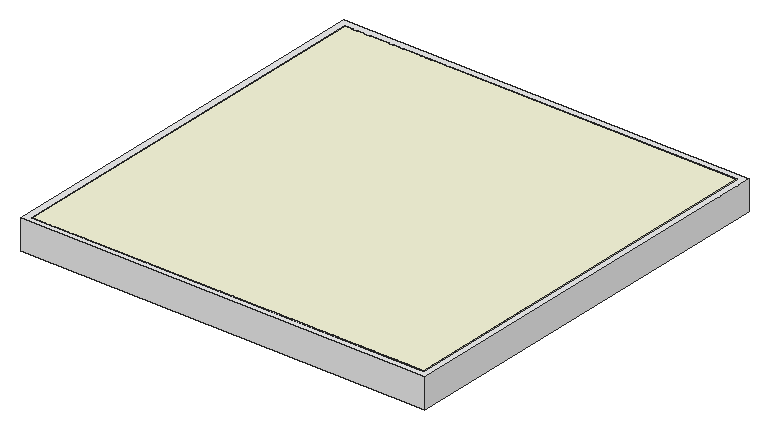
Revit family "Alcon-14001-S-Revit-Family", category Lighting Fixtures, host Face, Revit 2021
Family settings
  Host = Face
  Round Connector Dimension = Use Diameter
  Part Type = Normal
  Cut with Voids When Loaded = Yes
  Light Source = Yes
  Shared = No
  Room Calculation Point = No
Parameters (values of type "2'x2'")
  Width = 2' - 0"
  Wattage = 9.2903 W
  built-in parameter 1150110 = 1 (stored number, unit not read)
  URL = "https://www.alconlighting.com/"
  built-in parameter 1114217 = 1 (stored number, unit not read)
  built-in parameter 1150109 = 1 (stored number, unit not read)
  built-in parameter 1150134 = 3
  built-in parameter 1150113 = 1 (stored number, unit not read)
  Product identity = "Alcon lighting 14001-S"
  Manufacturer = "Alcon Light"
  built-in parameter 1150105 = 439.27 (stored number, unit not read)
  Lumens = 1380 lm
  built-in parameter 1150115 = 1 (stored number, unit not read)
  Link To Product Page = "https://www.alconlighting.com/14001-s.html"
  Light Source Symbol Size = 2' - 0"
  built-in parameter 1150137 = (empty or 0)
  built-in parameter 1150139 = (empty or 0)
  Lens = Lens
  Length = 2' - 0"
  built-in parameter 1150112 = 1 (stored number, unit not read)
  built-in parameter 1150114 = 1 (stored number, unit not read)
  built-in parameter 1150132 = (empty or 0)
  built-in parameter 1150102 = (empty or 0)
  built-in parameter 1150107 = 3200 (stored number, unit not read)
  built-in parameter 1150138 = (empty or 0)
  built-in parameter 1150106 = 4.3927 (stored number, unit not read)
  Housing = Housing
  Emit from Rectangle Width = 2' - 0"
  Emit from Rectangle Length = 2' - 0"
  Emit Shape Visible in Rendering = no
  built-in parameter 1150104 = 13.8 (stored number, unit not read)
  Dimming Lamp Color Temperature Shift = <None>
  Default Elevation = 4' - 0"
  Color Filter = 16777215
  built-in parameter 1114218 = 1 (stored number, unit not read)
  built-in parameter 1150133 = 10 (stored number, unit not read)
Types (4): name | Width | Length | Emit from Rectangle Width | Emit from Rectangle Length
  (no name) | 2' - 0" | 2' - 0" | 2' - 0" | 2' - 0"
  2'x2' | 2' - 0" | 2' - 0" | 2' - 0" | 2' - 0"
  2'x4' | 2' - 0" | 4' - 0" | 4' - 0" | 2' - 0"
  1'x4' | 1' - 0" | 4' - 0" | 4' - 0" | 1' - 0"
Reference planes (in)
  plane 1 "Center (Front/Back)": y = 0
  plane 2: z = 0
  plane 3 "Center (Left/Right)": x = 0
  plane 4: x = -12
  plane 5: x = 12
  plane 6: y = 12
  plane 7: y = -12
Forms (in)
  Sweep 1, solid, material "Housing" <- "Housing"
    path origin (0, 0, 0) x (1, 0, 0) y (0, 1, 0)
      loop
        line (-12, -12) -> (12, -12) -> (12, 12) -> (-12, 12) -> (-12, -12)
    profile origin (0, -12, 0) x (0, 1, 0) y (0, 0, 1)
      loop
        line (0, 0) -> (0.375, 0) -> (0.375, 1.75) -> (0, 1.75) -> (0, 0)
  Extrusion 2, solid, material "Lens" <- "Lens"
    sketch origin (0, 0, 0) x (1, 0, 0) y (0, 1, 0)
      loop
        line (-11.625, 11.625) -> (-11.625, -11.625) -> (11.625, -11.625) -> (11.625, 11.625) -> (-11.625, 11.625)
    from 1.51194 to 1.75
Dimensions and locks (in)
  equal spacing: plane 4, plane 3 "Center (Left/Right)", plane 5
  equal spacing: plane 7, plane 1 "Center (Front/Back)", plane 6
  "Width": plane 4 to plane 5
  "Length": plane 6 to plane 7
  aligned and locked: plane 2 to host face
  aligned and locked: level to host face
  aligned and locked: Sweep 1 sketch curve to plane 7
  aligned and locked: Sweep 1 sketch curve to plane 4
  aligned and locked: plane 6 to Sweep 1 sketch curve
  aligned and locked: Sweep 1 sketch curve to plane 5
  aligned and locked: Extrusion 2 sketch curve to Sweep 1  (x4)
  aligned and locked: Sweep 1 to Extrusion 2
Automatic sketch dimensions
  host sketch curve to host sketch curve = 8' - 0"  (x2)
  level to Sweep 1 sketch curve = 0' - 1 3/4"
  Sweep 1 sketch curve to level = 0' - 0"
  Sweep 1 sketch curve to profile plane = 0' - 0"
  Sweep 1 sketch curve to profile plane = 0' - 0 3/8"
